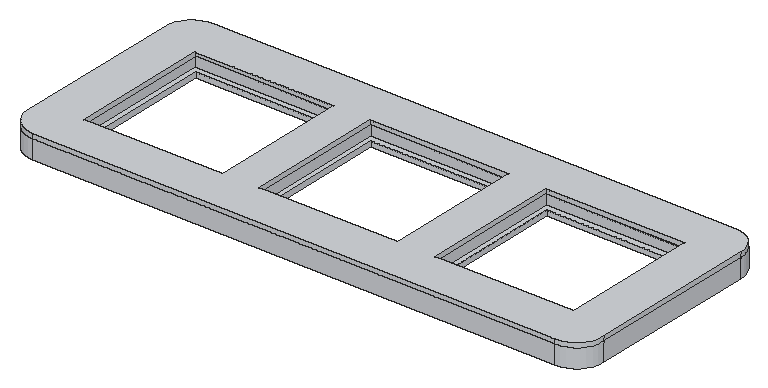
Revit family "Gira_0213410", category Electrical Fixtures, host Face, Revit 2017
Family settings
  Host = Face
  Maintain Annotation Orientation = No
  Round Connector Dimension = Use Diameter
  Part Type = Normal
  Cut with Voids When Loaded = No
  Shared = No
  Room Calculation Point = No
Parameters (values of type "Cov.fr. 3-g Gira E3 p.white/p.white")
  URL = "http://katalog.gira.de/en/datenblatt.html?artikelnr=0213410"
  Transparent = "No"
  Name = "Cov.fr. 3-g Gira E3 p.white/p.white"
  Manufacturer URL = "https://www.gira.de/"
  Manufacturer = "Gira"
  Keynote = ""
  HeinzeBIM = "https://bimportal.heinze.de/bim/cov-fr-3-g-gira-e3-p-white-p-white/2bd40665bf9e390255d6de3f3ba456e597a8e97d"
  HAN = "0213410"
  GTIN = "4010337023739"
  Description = "Cov.fr.3g E3 PwPw,Gira E3 cover frame,pure white glossy with pure white glossy intermediate frame,3-gang,Features:,- Shatter-proof."
  Default Elevation = 1219.2 mm
  Data sheet (1) = "https://katalog.gira.de/en/download.html?artikelnr=0213410"
  Category = "Cover frame for domestic switching devices"
  BIM (1) = "https://media.stage.bim.site/public/gira/36a6b08/E3_Rahmen_3fach.rfa"
  Available = "No"
Reference planes
  plane 1 "Center (Front/Back)": y = 0
  plane 2: z = 0
  plane 3 "Center (Left/Right)": x = 0
Forms (mm)
  Extrusion 1, solid, detail levels fine
    sketch origin (0, 0, 0) x (1, 0, 0) y (0, 1, 0)
      loop
        arc (-106.1, 45.809) -> (-113.884, 42.585) -> (-117.109, 34.8) r 11.009
        line (-117.109, 34.8) -> (-117.109, -34.8)
        arc (-117.109, -34.8) -> (-113.884, -42.585) -> (-106.1, -45.809) r 11.009
        line (-106.1, -45.809) -> (106.1, -45.809)
        arc (106.1, -45.809) -> (113.884, -42.585) -> (117.109, -34.8) r 11.009
        line (117.109, -34.8) -> (117.109, 34.8)
        arc (117.109, 34.8) -> (113.884, 42.585) -> (106.1, 45.809) r 11.009
        line (106.1, 45.809) -> (-106.1, 45.809)
      loop
        line (-43.2, 28.187) -> (-99.456, 28.187) -> (-99.456, -28.187) -> (-43.2, -28.187) -> (-43.2, 28.187)
      loop
        line (-28.3, 28.187) -> (-28.3, -28.187) -> (27.956, -28.187) -> (27.956, 28.187) -> (-28.3, 28.187)
      loop
        line (43.2, 28.187) -> (43.2, -28.187) -> (99.456, -28.187) -> (99.456, 28.187) -> (43.2, 28.187)
    from 7.65 to 9.5
  Extrusion 2, solid, detail levels fine
    sketch origin (-71.5, 0, 0) x (1, 0, 0) y (0, 1, 0)
      loop
        line (26.1, 25.7) -> (-25.7, 25.7) -> (-25.7, -25.7) -> (26.1, -25.7) -> (26.1, 25.7)
      loop
        line (-28.187, -28.156) -> (28.187, -28.156) -> (28.187, 28.156) -> (-28.187, 28.156) -> (-28.187, -28.156)
    from 1.65 to 3.9
  Extrusion 3, solid, detail levels fine
    sketch origin (0, 0, 0) x (1, 0, 0) y (0, 1, 0)
      loop
        arc (-106.1, 45.809) -> (-113.884, 42.585) -> (-117.109, 34.8) r 11.009
        line (-117.109, 34.8) -> (-117.109, -34.8)
        arc (-117.109, -34.8) -> (-113.884, -42.585) -> (-106.1, -45.809) r 11.009
        line (-106.1, -45.809) -> (106.1, -45.809)
        arc (106.1, -45.809) -> (113.884, -42.585) -> (117.109, -34.8) r 11.009
        line (117.109, -34.8) -> (117.109, 34.8)
        arc (117.109, 34.8) -> (113.884, 42.585) -> (106.1, 45.809) r 11.009
        line (106.1, 45.809) -> (-106.1, 45.809)
      loop
        line (-115.143, 34.785) -> (-115.143, -34.785)
        arc (-115.143, -34.785) -> (-112.49, -41.19) -> (-106.084, -43.843) r 9.058
        line (-106.084, -43.843) -> (106.084, -43.843)
        arc (106.084, -43.843) -> (112.49, -41.19) -> (115.143, -34.785) r 9.058
        line (115.143, -34.785) -> (115.143, 34.785)
        arc (115.143, 34.785) -> (112.49, 41.19) -> (106.084, 43.843) r 9.058
        line (106.084, 43.843) -> (-106.084, 43.843)
        arc (-106.084, 43.843) -> (-112.49, 41.19) -> (-115.143, 34.785) r 9.058
    from 0 to 7.65
  Extrusion 4, solid, detail levels fine
    sketch origin (-35.75, 0, 0) x (1, 0, 0) y (0, 1, 0)
      loop
        line (-62.956, -31.075) -> (62.956, -31.075)
        arc (62.956, -31.075) -> (65.599, -29.98) -> (66.694, -27.337) r 3.739
        line (66.694, -27.337) -> (66.694, 27.337)
        arc (66.694, 27.337) -> (65.599, 29.98) -> (62.956, 31.075) r 3.739
        line (62.956, 31.075) -> (-62.956, 31.075)
        arc (-62.956, 31.075) -> (-65.599, 29.98) -> (-66.694, 27.337) r 3.739
        line (-66.694, 27.337) -> (-66.694, -27.337)
        arc (-66.694, -27.337) -> (-65.599, -29.98) -> (-62.956, -31.075) r 3.739
      loop
        line (-65.544, 27.537) -> (-65.544, -27.537)
        arc (-65.544, -27.537) -> (-64.845, -29.226) -> (-63.156, -29.925) r 2.389
        line (-63.156, -29.925) -> (63.156, -29.925)
        arc (63.156, -29.925) -> (64.845, -29.226) -> (65.544, -27.537) r 2.389
        line (65.544, -27.537) -> (65.544, 27.537)
        arc (65.544, 27.537) -> (64.845, 29.226) -> (63.156, 29.925) r 2.389
        line (63.156, 29.925) -> (-63.156, 29.925)
        arc (-63.156, 29.925) -> (-64.845, 29.226) -> (-65.544, 27.537) r 2.389
    from 1.65 to 7.65
  Extrusion 5, solid, detail levels fine
    sketch origin (0, 0, 0) x (1, 0, 0) y (0, 1, 0)
      loop
        line (-103.367, -39.8) -> (103.368, -39.8)
        arc (103.368, -39.8) -> (108.982, -36.708) -> (111.215, -30.7) r 9.2
        line (111.215, -30.7) -> (111.215, 30.7)
        arc (111.215, 30.7) -> (108.52, 37.205) -> (102.015, 39.9) r 9.2
        line (102.015, 39.9) -> (-102.014, 39.9)
        arc (-102.014, 39.9) -> (-108.52, 37.205) -> (-111.214, 30.7) r 9.2
        line (-111.214, 30.7) -> (-111.214, -30.7)
        arc (-111.214, -30.7) -> (-108.982, -36.708) -> (-103.367, -39.8) r 9.2
      loop
        line (-102.014, -31.7) -> (102.015, -31.7)
        arc (102.015, -31.7) -> (102.722, -31.407) -> (103.015, -30.7) r 1
        line (103.015, -30.7) -> (103.015, 30.7)
        arc (103.015, 30.7) -> (102.722, 31.407) -> (102.015, 31.7) r 1
        line (102.015, 31.7) -> (-102.014, 31.7)
        arc (-102.014, 31.7) -> (-102.721, 31.407) -> (-103.014, 30.7) r 1
        line (-103.014, 30.7) -> (-103.014, -30.7)
        arc (-103.014, -30.7) -> (-102.721, -31.407) -> (-102.014, -31.7) r 1
    from 1.65 to 3.9
  Extrusion 6, solid, detail levels fine
    sketch origin (-71.5, 0, 0) x (1, 0, 0) y (0, 1, 0)
      loop
        line (-28.187, 28.156) -> (-28.187, -28.156) -> (28.187, -28.156) -> (28.187, 28.156) -> (-28.187, 28.156)
      loop
        line (-29.925, 29.925) -> (-29.925, -29.925) -> (29.925, -29.925) -> (29.925, 29.925) -> (-29.925, 29.925)
    from 1.65 to 7.65
  Extrusion 7, solid, detail levels coarse+medium
    sketch origin (0, 0, 0) x (1, 0, 0) y (0, 1, 0)
      loop
        line (-117.109, 45.809) -> (-117.109, -45.809) -> (117.109, -45.809) -> (117.109, 45.809) -> (-117.109, 45.809)
    from 0 to 9.5
  Extrusion 8, solid, detail levels fine
    sketch origin (0, 0, 0) x (-1, 0, 0) y (0, -1, 0)
      loop
        line (25.9, -25.7) -> (25.9, 25.7) -> (-25.9, 25.7) -> (-25.9, -25.7) -> (25.9, -25.7)
      loop
        line (-28.187, 28.156) -> (-28.187, -28.156) -> (28.187, -28.156) -> (28.187, 28.156) -> (-28.187, 28.156)
    from 1.65 to 3.9
  Extrusion 9, solid, detail levels fine
    sketch origin (0, 0, 0) x (-1, 0, 0) y (0, -1, 0)
      loop
        line (-28.187, -28.156) -> (28.187, -28.156) -> (28.187, 28.156) -> (-28.187, 28.156) -> (-28.187, -28.156)
      loop
        line (-29.925, -29.925) -> (29.925, -29.925) -> (29.925, 29.925) -> (-29.925, 29.925) -> (-29.925, -29.925)
    from 1.65 to 7.65
  Extrusion 10, solid, detail levels fine
    sketch origin (71.5, 0, 0) x (-1, 0, 0) y (0, -1, 0)
      loop
        line (26.1, -25.7) -> (26.1, 25.7) -> (-25.7, 25.7) -> (-25.7, -25.7) -> (26.1, -25.7)
      loop
        line (-28.187, 28.156) -> (-28.187, -28.156) -> (28.187, -28.156) -> (28.187, 28.156) -> (-28.187, 28.156)
    from 1.65 to 3.9
  Extrusion 11, solid, detail levels fine
    sketch origin (71.5, 0, 0) x (-1, 0, 0) y (0, -1, 0)
      loop
        line (-28.187, -28.156) -> (28.187, -28.156) -> (28.187, 28.156) -> (-28.187, 28.156) -> (-28.187, -28.156)
      loop
        line (-29.925, -29.925) -> (29.925, -29.925) -> (29.925, 29.925) -> (-29.925, 29.925) -> (-29.925, -29.925)
    from 1.65 to 7.65
Dimensions and locks
  aligned and locked: plane 2 to host face
  aligned and locked: level to host face
